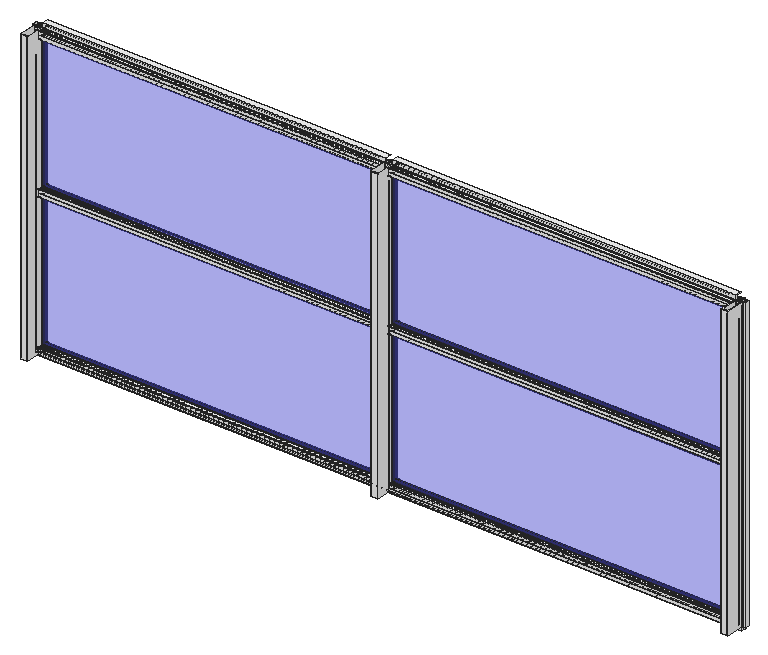
Revit family "Facade_60_Curtain_Wall_E22_Standard", category Windows, host Wall, Revit 2014 (continued)
Definition of nested family "F60 Vertical Profile Middle_E22_Std"
  Parameters (values of type "F60 Vertical Profile Middle")
    Half SG Expansion Break [instance] = if(and(Half Expansion Break, Single Glazing), 1 = 1, 1 = 0)  # yes
    Half Length [instance] = Length / 2  # 125 mm
    Half Expansion Break [instance] = yes
    Half DG Expansion Break [instance] = if(and(Half Expansion Break, Double Glazing), 1 = 1, 1 = 0)  # yes
    Half 190mm Expansion Joint [instance] = if(and(Half Expansion Break, [190mm Mullion]), 1 = 1, 1 = 0)  # yes
    Half 160mm Expansion Break [instance] = if(and(Half Expansion Break, [160mm Mullion]), 1 = 1, 1 = 0)  # yes
    Half 100mm Expansion Break [instance] = if(and(Half Expansion Break, [100mm Mullion]), 1 = 1, 1 = 0)  # yes
    Double Glazing [instance] = yes
    190mm Mullion [instance] = yes
    160mm Mullion [instance] = yes
    100mm Mullion [instance] = yes
  Reference planes
    plane 1 "Center (Front/Back)": y = 0
    plane 2: z = 0
    plane 3 "Center (Left/Right)": x = 0
  Forms (mm)
    Extrusion 1, solid, material <- "Profile Material"
      sketch origin (0, 0, 0) x (1, 0, 0) y (0, 1, 0)
        loop
          arc (25.249, -8.7) -> (25.484, -9.266) -> (26.049, -9.5) r 0.8
          line (26.049, -9.5) -> (27.1, -9.5) -> (27.1, 7) -> (32.902, 7) -> (32.902, -9.5) -> (33.951, -9.5)
          arc (33.951, -9.5) -> (34.516, -9.266) -> (34.751, -8.7) r 0.8
          line (34.751, -8.7) -> (34.751, 6.2)
          arc (34.751, 6.2) -> (34.985, 6.766) -> (35.551, 7) r 0.8
          line (35.551, 7) -> (52.1, 7) -> (52.1, 5.4) -> (50.55, 5.4) -> (50.55, 4.55)
          arc (50.55, 4.55) -> (50.726, 4.126) -> (51.15, 3.95) r 0.6
          line (51.15, 3.95) -> (52.1, 3.95) -> (52.1, 1)
          arc (52.1, 1) -> (51.6, 0.5) -> (52.1, 0) r 0.5
          line (52.1, 0) -> (54.45, 0) -> (54.45, 1.15) -> (53.3, 1.15) -> (53.3, 2.45) -> (58.8, 2.45) -> (58.8, 1.15) -> (57.65, 1.15) -> (57.65, 0) -> (59.5, 0)
          arc (59.5, 0) -> (59.854, 0.146) -> (60, 0.5) r 0.5
          line (60, 0.5) -> (60, 3.9) -> (53.55, 3.9) -> (53.55, 7.6)
          arc (53.55, 7.6) -> (53.316, 8.166) -> (52.75, 8.4) r 0.8
          line (52.75, 8.4) -> (30, 8.4) -> (7.25, 8.4)
          arc (7.25, 8.4) -> (6.684, 8.166) -> (6.45, 7.6) r 0.8
          line (6.45, 7.6) -> (6.45, 3.9) -> (0, 3.9) -> (0, 0.5)
          arc (0, 0.5) -> (0.146, 0.146) -> (0.5, 0) r 0.5
          line (0.5, 0) -> (2.35, 0) -> (2.35, 1.15) -> (1.2, 1.15) -> (1.2, 2.45) -> (6.7, 2.45) -> (6.7, 1.15) -> (5.55, 1.15) -> (5.55, 0) -> (7.9, 0)
          arc (7.9, 0) -> (8.4, 0.5) -> (7.9, 1) r 0.5
          line (7.9, 1) -> (7.9, 3.95) -> (8.85, 3.95)
          arc (8.85, 3.95) -> (9.274, 4.126) -> (9.45, 4.55) r 0.6
          line (9.45, 4.55) -> (9.45, 5.4) -> (7.9, 5.4) -> (7.9, 7) -> (24.449, 7)
          arc (24.449, 7) -> (25.015, 6.766) -> (25.249, 6.2) r 0.8
          line (25.249, 6.2) -> (25.249, -8.7)
      from 0 to 250 <- "Length"
    Extrusion 2, solid, material <- "Thermal Break Material"
      sketch origin (0, 0, 0) x (1, 0, 0) y (0, 1, 0)
        loop
          line (1.75, 9.8) -> (1.75, 5.2) -> (0, 5.2) -> (0, 3.9) -> (6.35, 3.9) -> (6.35, 7.856)
          arc (6.35, 7.856) -> (6.526, 8.281) -> (6.95, 8.456) r 0.6
          line (6.95, 8.456) -> (30, 8.456) -> (53.05, 8.456)
          arc (53.05, 8.456) -> (53.474, 8.281) -> (53.65, 7.856) r 0.6
          line (53.65, 7.856) -> (53.65, 3.9) -> (60, 3.9) -> (60, 5.2) -> (58.25, 5.2) -> (58.25, 9.8) -> (30, 9.8) -> (1.75, 9.8)
      from 0 to 250 <- "Length"
    Extrusion 3, solid, material <- "Thermal Break Material", visible <- "Single Glazing"
      sketch origin (0, 0, 0) x (1, 0, 0) y (0, 1, 0)
        loop
          line (25.749, -14.011) -> (27.672, -14.011) -> (28.481, -12.611) -> (31.518, -12.611) -> (32.327, -14.011) -> (34.249, -14.011)
          arc (34.249, -14.011) -> (34.603, -13.864) -> (34.749, -13.511) r 0.5
          line (34.749, -13.511) -> (34.749, -10.011)
          arc (34.749, -10.011) -> (34.603, -9.657) -> (34.249, -9.511) r 0.5
          line (34.249, -9.511) -> (32.352, -9.511) -> (32.352, 0.19) -> (31.349, 2.261)
          arc (31.349, 2.261) -> (29.999, 2.986) -> (28.649, 2.261) r 1.62
          line (28.649, 2.261) -> (27.647, 0.19) -> (27.647, -9.511) -> (25.749, -9.511)
          arc (25.749, -9.511) -> (25.396, -9.657) -> (25.249, -10.011) r 0.5
          line (25.249, -10.011) -> (25.249, -13.511)
          arc (25.249, -13.511) -> (25.396, -13.864) -> (25.749, -14.011) r 0.5
        loop
          line (28.504, -10.005) -> (28.504, -10.861)
          arc (28.504, -10.861) -> (28.651, -11.214) -> (29.004, -11.361) r 0.5
          line (29.004, -11.361) -> (30.994, -11.361)
          arc (30.994, -11.361) -> (31.348, -11.214) -> (31.494, -10.861) r 0.5
          line (31.494, -10.861) -> (31.494, -10.005) -> (30.708, -9.219)
          arc (30.708, -9.219) -> (30.383, -9.001) -> (29.999, -8.924) r 1.007
          arc (29.999, -8.924) -> (29.616, -8.999) -> (29.292, -9.217) r 0.986
          line (29.292, -9.217) -> (28.504, -10.005)
        loop
          arc (30.896, 1.935) -> (29.887, 2.44) -> (29.005, 1.735) r 1.047
          line (29.005, 1.735) -> (28.347, 0.374) -> (28.347, -6.993)
          arc (28.347, -6.993) -> (28.583, -7.417) -> (29.068, -7.441) r 0.5
          arc (29.068, -7.441) -> (29.999, -7.223) -> (30.93, -7.441) r 2.099
          arc (30.93, -7.441) -> (31.416, -7.417) -> (31.652, -6.993) r 0.5
          line (31.652, -6.993) -> (31.652, 0.374) -> (30.896, 1.935)
      from 0 to 250 <- "Length"
    Extrusion 4, solid, material <- "Profile Material", visible <- "Single Glazing"
      sketch origin (0, 0, 0) x (1, 0, 0) y (0, 1, 0)
        loop
          line (52.693, -14.011) -> (32.327, -14.011) -> (31.519, -12.611) -> (28.481, -12.611) -> (27.673, -14.011) -> (7.307, -14.011) -> (7.307, -15.011) -> (8.457, -15.011) -> (8.457, -16.261) -> (2.957, -16.261) -> (2.957, -15.011) -> (4.107, -15.011) -> (4.107, -14.011) -> (1.707, -14.011)
          arc (1.707, -14.011) -> (1.199, -14.293) -> (1.168, -14.873) r 0.6
          line (1.168, -14.873) -> (2.093, -16.772) -> (1.015, -17.298) -> (1.484, -18.261) -> (11.488, -18.261)
          arc (11.488, -18.261) -> (11.913, -18.085) -> (12.088, -17.661) r 0.6
          line (12.088, -17.661) -> (12.088, -16.811) -> (47.912, -16.811) -> (47.912, -17.661)
          arc (47.912, -17.661) -> (48.088, -18.085) -> (48.512, -18.261) r 0.6
          line (48.512, -18.261) -> (58.518, -18.261) -> (58.987, -17.298) -> (57.908, -16.772) -> (58.834, -14.874)
          arc (58.834, -14.874) -> (58.802, -14.293) -> (58.293, -14.011) r 0.6
          line (58.293, -14.011) -> (55.893, -14.011) -> (55.893, -15.011) -> (57.043, -15.011) -> (57.043, -16.261) -> (51.543, -16.261) -> (51.543, -15.011) -> (52.693, -15.011) -> (52.693, -14.011)
      from 0 to 250 <- "Length"
    Extrusion 5, solid, material <- "Profile Material", visible <- "Single Glazing"
      sketch origin (0, 0, 0) x (1, 0, 0) y (0, 1, 0)
        loop
          line (2.801, -18.261) -> (1.484, -18.261) -> (1.015, -17.298) -> (2.093, -16.772) -> (0.779, -14.076)
          arc (0.779, -14.076) -> (0.239, -14.21) -> (0.001, -14.713) r 0.65
          line (0.001, -14.713) -> (0.001, -28.068)
          arc (0.001, -28.068) -> (1.172, -30.897) -> (4.001, -32.068) r 4
          line (4.001, -32.068) -> (30.001, -32.068) -> (56.001, -32.068)
          arc (56.001, -32.068) -> (58.829, -30.897) -> (60.001, -28.068) r 4
          line (60.001, -28.068) -> (60.001, -14.713)
          arc (60.001, -14.713) -> (59.763, -14.21) -> (59.223, -14.076) r 0.65
          line (59.223, -14.076) -> (57.908, -16.772) -> (58.987, -17.298) -> (58.518, -18.261) -> (57.201, -18.261)
          arc (57.201, -18.261) -> (56.83, -18.425) -> (56.703, -18.811) r 0.5
          arc (56.703, -18.811) -> (56.83, -19.196) -> (57.201, -19.361) r 0.5
          line (57.201, -19.361) -> (58.951, -19.361) -> (58.951, -27.968)
          arc (58.951, -27.968) -> (58.131, -29.948) -> (56.151, -30.768) r 2.8
          line (56.151, -30.768) -> (30.001, -30.768) -> (3.851, -30.768)
          arc (3.851, -30.768) -> (1.871, -29.948) -> (1.051, -27.968) r 2.8
          line (1.051, -27.968) -> (1.051, -19.361) -> (2.801, -19.361)
          arc (2.801, -19.361) -> (3.172, -19.196) -> (3.298, -18.811) r 0.5
          arc (3.298, -18.811) -> (3.172, -18.425) -> (2.801, -18.261) r 0.5
      from 0 to 250 <- "Length"
    Extrusion 6, solid, material <- "Profile Material", visible <- "100mm Mullion"
      sketch origin (0, 0, 0) x (1, 0, 0) y (0, 1, 0)
        loop
          line (14.02, 13) -> (45.98, 13)
          arc (45.98, 13) -> (46.539, 12.842) -> (46.917, 12.4) r 1
          arc (46.917, 12.4) -> (47.285, 11.963) -> (47.833, 11.8) r 1
          line (47.833, 11.8) -> (58.15, 11.8) -> (58.15, 96.3) -> (47.833, 96.3)
          arc (47.833, 96.3) -> (47.285, 96.137) -> (46.917, 95.7) r 1
          arc (46.917, 95.7) -> (46.548, 95.263) -> (46, 95.1) r 1
          line (46, 95.1) -> (14, 95.1)
          arc (14, 95.1) -> (13.452, 95.263) -> (13.083, 95.7) r 1
          arc (13.083, 95.7) -> (12.715, 96.137) -> (12.167, 96.3) r 1
          line (12.167, 96.3) -> (1.85, 96.3) -> (1.85, 11.8) -> (12.167, 11.8)
          arc (12.167, 11.8) -> (12.715, 11.963) -> (13.083, 12.4) r 1
          arc (13.083, 12.4) -> (13.461, 12.842) -> (14.02, 13) r 1
        loop
          line (1.65, 9.856) -> (58.35, 9.856) -> (58.35, 5.2) -> (60, 5.2) -> (60, 98.8)
          arc (60, 98.8) -> (59.707, 99.507) -> (59, 99.8) r 1
          line (59, 99.8) -> (1, 99.8)
          arc (1, 99.8) -> (0.293, 99.507) -> (0, 98.8) r 1
          line (0, 98.8) -> (0, 5.2) -> (1.65, 5.2) -> (1.65, 9.856)
      from 0 to 250 <- "Length"
    Extrusion 7, solid, material <- "Profile Material", visible <- "160mm Mullion"
      sketch origin (0, 0, 0) x (1, 0, 0) y (0, 1, 0)
        loop
          arc (2.35, 15.6) -> (2.526, 15.176) -> (2.95, 15) r 0.6
          line (2.95, 15) -> (57.05, 15)
          arc (57.05, 15) -> (57.474, 15.176) -> (57.65, 15.6) r 0.6
          line (57.65, 15.6) -> (57.65, 153.7)
          arc (57.65, 153.7) -> (57.474, 154.124) -> (57.05, 154.3) r 0.6
          line (57.05, 154.3) -> (47.833, 154.3)
          arc (47.833, 154.3) -> (47.285, 154.137) -> (46.917, 153.7) r 1
          arc (46.917, 153.7) -> (46.548, 153.263) -> (46, 153.1) r 1
          line (46, 153.1) -> (14, 153.1)
          arc (14, 153.1) -> (13.452, 153.263) -> (13.083, 153.7) r 1
          arc (13.083, 153.7) -> (12.715, 154.137) -> (12.167, 154.3) r 1
          line (12.167, 154.3) -> (2.95, 154.3)
          arc (2.95, 154.3) -> (2.526, 154.124) -> (2.35, 153.7) r 0.6
          line (2.35, 153.7) -> (2.35, 15.6)
        loop
          arc (1, 159.8) -> (0.293, 159.507) -> (0, 158.8) r 1
          line (0, 158.8) -> (0, 5.2) -> (1.65, 5.2) -> (1.65, 10.013) -> (58.35, 10.013) -> (58.35, 5.2) -> (60, 5.2) -> (60, 158.8)
          arc (60, 158.8) -> (59.707, 159.507) -> (59, 159.8) r 1
          line (59, 159.8) -> (1, 159.8)
      from 0 to 250 <- "Length"
    Extrusion 8, solid, material <- "Profile Material", visible <- "190mm Mullion"
      sketch origin (0, 0, 0) x (1, 0, 0) y (0, 1, 0)
        loop
          line (57.25, 15.1) -> (57.25, 178.3)
          arc (57.25, 178.3) -> (56.957, 179.007) -> (56.25, 179.3) r 1
          line (56.25, 179.3) -> (3.75, 179.3)
          arc (3.75, 179.3) -> (3.043, 179.007) -> (2.75, 178.3) r 1
          line (2.75, 178.3) -> (2.75, 15.1)
          arc (2.75, 15.1) -> (2.984, 14.534) -> (3.55, 14.3) r 0.8
          line (3.55, 14.3) -> (56.45, 14.3)
          arc (56.45, 14.3) -> (57.016, 14.534) -> (57.25, 15.1) r 0.8
        loop
          line (60, 5.2) -> (60, 188.8)
          arc (60, 188.8) -> (59.707, 189.507) -> (59, 189.8) r 1
          line (59, 189.8) -> (1, 189.8)
          arc (1, 189.8) -> (0.293, 189.507) -> (0, 188.8) r 1
          line (0, 188.8) -> (0, 5.2) -> (1.65, 5.2) -> (1.65, 9.856) -> (58.35, 9.856) -> (58.35, 5.2) -> (60, 5.2)
      from 0 to 250 <- "Length"
    Extrusion 9, solid, material <- "Thermal Break Material", visible <- "Double Glazing"
      sketch origin (0, 0, 0) x (1, 0, 0) y (0, 1, 0)
        loop
          line (27.672, -28) -> (28.48, -26.6) -> (31.518, -26.6) -> (32.326, -28) -> (34.249, -28)
          arc (34.249, -28) -> (34.603, -27.854) -> (34.749, -27.5) r 0.5
          line (34.749, -27.5) -> (34.749, -10)
          arc (34.749, -10) -> (34.603, -9.646) -> (34.249, -9.5) r 0.5
          line (34.249, -9.5) -> (32.352, -9.5) -> (32.352, 0.198) -> (31.348, 2.272)
          arc (31.348, 2.272) -> (29.998, 2.997) -> (28.648, 2.272) r 1.62
          line (28.648, 2.272) -> (27.645, 0.201) -> (27.645, -9.5) -> (25.749, -9.5)
          arc (25.749, -9.5) -> (25.396, -9.646) -> (25.249, -10) r 0.5
          line (25.249, -10) -> (25.249, -27.5)
          arc (25.249, -27.5) -> (25.396, -27.854) -> (25.749, -28) r 0.5
          line (25.749, -28) -> (27.672, -28)
        loop
          arc (30.706, -9.206) -> (30.382, -8.99) -> (29.999, -8.913) r 1.007
          arc (29.999, -8.913) -> (29.616, -8.988) -> (29.292, -9.206) r 0.986
          line (29.292, -9.206) -> (27.142, -11.356)
          arc (27.142, -11.356) -> (26.926, -11.68) -> (26.849, -12.063) r 1
          line (26.849, -12.063) -> (26.849, -24)
          arc (26.849, -24) -> (27.142, -24.707) -> (27.849, -25) r 1
          line (27.849, -25) -> (32.149, -25)
          arc (32.149, -25) -> (32.856, -24.707) -> (33.149, -24) r 1
          line (33.149, -24) -> (33.149, -12.063)
          arc (33.149, -12.063) -> (33.073, -11.68) -> (32.856, -11.356) r 1
          line (32.856, -11.356) -> (30.706, -9.206)
        loop
          arc (28.345, -6.982) -> (28.581, -7.407) -> (29.067, -7.43) r 0.5
          arc (29.067, -7.43) -> (29.998, -7.213) -> (30.929, -7.43) r 2.099
          arc (30.929, -7.43) -> (31.414, -7.407) -> (31.651, -6.982) r 0.5
          line (31.651, -6.982) -> (31.651, 0.385) -> (30.895, 1.946)
          arc (30.895, 1.946) -> (29.885, 2.45) -> (29.004, 1.745) r 1.047
          line (29.004, 1.745) -> (28.345, 0.385) -> (28.345, -6.982)
      from 0 to 250 <- "Length"
    Extrusion 10, solid, material <- "Profile Material", visible <- "Double Glazing"
      sketch origin (0, 0, 0) x (1, 0, 0) y (0, 1, 0)
        loop
          line (52.692, -28) -> (32.327, -28) -> (31.518, -26.6) -> (28.48, -26.6) -> (27.672, -28) -> (7.306, -28) -> (7.306, -29) -> (8.456, -29) -> (8.456, -30.25) -> (2.956, -30.25) -> (2.956, -29) -> (4.106, -29) -> (4.106, -28) -> (1.706, -28)
          arc (1.706, -28) -> (1.198, -28.282) -> (1.167, -28.863) r 0.6
          line (1.167, -28.863) -> (2.093, -30.762) -> (1.014, -31.288) -> (1.483, -32.25) -> (11.488, -32.25)
          arc (11.488, -32.25) -> (11.912, -32.074) -> (12.088, -31.65) r 0.6
          line (12.088, -31.65) -> (12.088, -30.8) -> (47.911, -30.8) -> (47.911, -31.65)
          arc (47.911, -31.65) -> (48.087, -32.074) -> (48.511, -32.25) r 0.6
          line (48.511, -32.25) -> (58.517, -32.25) -> (58.986, -31.288) -> (57.907, -30.762) -> (58.833, -28.864)
          arc (58.833, -28.864) -> (58.801, -28.282) -> (58.292, -28) r 0.6
          line (58.292, -28) -> (55.892, -28) -> (55.892, -29) -> (57.042, -29) -> (57.042, -30.25) -> (51.542, -30.25) -> (51.542, -29) -> (52.692, -29) -> (52.692, -28)
      from 0 to 250 <- "Length"
    Extrusion 11, solid, material <- "Profile Material", visible <- "Double Glazing"
      sketch origin (0, 0, 0) x (1, 0, 0) y (0, 1, 0)
        loop
          line (2.8, -32.25) -> (1.483, -32.25) -> (1.014, -31.288) -> (2.093, -30.762) -> (0.778, -28.065)
          arc (0.778, -28.065) -> (0.238, -28.2) -> (0, -28.702) r 0.65
          line (0, -28.702) -> (0, -42.058)
          arc (0, -42.058) -> (1.172, -44.886) -> (4, -46.058) r 4
          line (4, -46.058) -> (30, -46.058) -> (56, -46.058)
          arc (56, -46.058) -> (58.828, -44.886) -> (60, -42.058) r 4
          line (60, -42.058) -> (60, -28.702)
          arc (60, -28.702) -> (59.762, -28.2) -> (59.222, -28.065) r 0.65
          line (59.222, -28.065) -> (57.907, -30.762) -> (58.986, -31.288) -> (58.517, -32.25) -> (57.2, -32.25)
          arc (57.2, -32.25) -> (56.829, -32.415) -> (56.703, -32.8) r 0.5
          arc (56.703, -32.8) -> (56.829, -33.185) -> (57.2, -33.35) r 0.5
          line (57.2, -33.35) -> (58.95, -33.35) -> (58.95, -41.958)
          arc (58.95, -41.958) -> (58.13, -43.938) -> (56.15, -44.758) r 2.8
          line (56.15, -44.758) -> (30, -44.758) -> (3.85, -44.758)
          arc (3.85, -44.758) -> (1.87, -43.938) -> (1.05, -41.958) r 2.8
          line (1.05, -41.958) -> (1.05, -33.35) -> (2.8, -33.35)
          arc (2.8, -33.35) -> (3.171, -33.185) -> (3.297, -32.8) r 0.5
          arc (3.297, -32.8) -> (3.171, -32.415) -> (2.8, -32.25) r 0.5
      from 0 to 250 <- "Length"
    Extrusion 12, solid, material <- "Profile Material", visible <- "Double Glazing"
      sketch origin (0, 0, 0) x (1, 0, 0) y (0, 1, 0)
        loop
          line (12, -7.775) -> (0, -7.775) -> (0, -25.775) -> (12, -25.775) -> (12, -7.775)
        loop
          line (10.8, -8.975) -> (1.2, -8.975) -> (1.2, -24.575) -> (10.8, -24.575) -> (10.8, -8.975)
      from 0 to 250 <- "Length"
  Lines and regions (mm)
    model lines, style "GenericModelHiddenLines", visible <- "Half 100mm Expansion Break"
      curve 1: line (60, 5.2, 125) -> (60, 95.2, 125)
      curve 2: line (60, 99.8, 125) -> (0, 99.8, 125)
      curve 8: line (0, 5.2, 125) -> (0, 95.2, 125)
    model lines, style "GenericModelHiddenLines", visible <- "Quarter 100mm Expansion Break"
      curve 3: line (60, 5.2, 187.5) -> (60, 95.2, 187.5)
      curve 4: line (60, 5.2, 62.5) -> (60, 95.2, 62.5)
      curve 5: line (60, 99.8, 62.5) -> (0, 99.8, 62.5)
      curve 6: line (60, 99.8, 187.5) -> (0, 99.8, 187.5)
      curve 7: line (0, 5.2, 187.5) -> (0, 95.2, 187.5)
      curve 9: line (0, 5.2, 62.5) -> (0, 95.2, 62.5)
    model lines, style "GenericModelHiddenLines", visible <- "Half SG Expansion Break"
      curve 10: line (4.107, -32.068, 125) -> (55.893, -32.068, 125)
      curve 14: line (60.001, -14.011, 125) -> (60.001, -32.068, 125)
    model lines, style "GenericModelHiddenLines", visible <- "Quarter SG Expansion Break"
      curve 11: line (4.107, -32.068, 187.5) -> (56.703, -32.068, 187.5)
      curve 12: line (4.107, -32.068, 62.5) -> (56.703, -32.068, 62.5)
      curve 13: line (60.001, -14.011, 187.5) -> (60.001, -32.068, 187.5)
      curve 15: line (60.001, -14.011, 62.5) -> (60.001, -32.068, 62.5)
    model lines, style "GenericModelHiddenLines", visible <- "Quarter 160mm Expansion Break"
      curve 16: line (0, 5.2, 187.5) -> (0, 155.2, 187.5)
      curve 18: line (0, 5.2, 62.5) -> (0, 155.2, 62.5)
      curve 19: line (0, 159.8, 187.5) -> (60, 159.8, 187.5)
      curve 21: line (0, 159.8, 62.5) -> (60, 159.8, 62.5)
      curve 22: line (60, 5.2, 187.5) -> (60, 155.2, 187.5)
      curve 24: line (60, 5.2, 62.5) -> (60, 155.2, 62.5)
    model lines, style "GenericModelHiddenLines", visible <- "Half 160mm Expansion Break"
      curve 17: line (0, 5.2, 125) -> (0, 155.2, 125)
      curve 20: line (0, 159.8, 125) -> (60, 159.8, 125)
      curve 23: line (60, 5.2, 125) -> (60, 155.2, 125)
    model lines, style "GenericModelHiddenLines", visible <- "Quarter 190mm Expansion Break"
      curve 25: line (0, 5.2, 187.5) -> (0, 185.2, 187.5)
      curve 27: line (0, 5.2, 62.5) -> (0, 185.2, 62.5)
      curve 28: line (0.779, 189.8, 187.5) -> (59.222, 189.8, 187.5)
      curve 30: line (0.779, 189.8, 62.5) -> (59.222, 189.8, 62.5)
      curve 31: line (60, 5.2, 187.5) -> (60, 185.2, 187.5)
      curve 33: line (60, 5.2, 62.5) -> (60, 185.2, 62.5)
    model lines, style "GenericModelHiddenLines", visible <- "Half 190mm Expansion Joint"
      curve 26: line (0, 5.2, 125) -> (0, 185.2, 125)
      curve 29: line (0.779, 189.8, 125) -> (59.222, 189.8, 125)
      curve 32: line (60, 5.2, 125) -> (60, 185.2, 125)
    model lines, style "GenericModelHiddenLines", visible <- "Quarter DG Expansion Break"
      curve 34: line (60, -28.065, 187.5) -> (60, -46.074, 187.5)
      curve 36: line (60, -28.065, 62.5) -> (60, -46.027, 62.5)
      curve 37: line (59.222, -46.058, 187.5) -> (0.779, -46.058, 187.5)
      curve 39: line (59.222, -46.058, 62.5) -> (0.779, -46.058, 62.5)
    model lines, style "GenericModelHiddenLines", visible <- "Half DG Expansion Break"
      curve 35: line (60, -28.065, 125) -> (60, -46.074, 125)
      curve 38: line (59.222, -46.058, 125) -> (0.779, -46.058, 125)
  Dimensions and locks
    "Half Length": curve 1 to level
    "Half Length": level to curve 2
    "Quarter Length": curve 4 to level
    "Quarter Length": Extrusion 8 to curve 3
    "Quarter Length": level to curve 5
    "Quarter Length": curve 6 to Extrusion 6
    "Quarter Length": curve 9 to level
    "Half Length": curve 8 to level
    "Quarter Length": Extrusion 8 to curve 7
    "Quarter Length": curve 12 to level
    "Half Length": curve 10 to level
    "Quarter Length": Extrusion 5 to curve 11
    "Quarter Length": curve 15 to level
    "Half Length": curve 14 to level
    "Quarter Length": Extrusion 5 to curve 13
    "Quarter Length": Extrusion 7 to curve 18
    "Half Length": Extrusion 7 to curve 17
    "Quarter Length": Extrusion 7 to curve 16
    "Quarter Length": Extrusion 7 to curve 21
    "Quarter Length": curve 19 to Extrusion 7
    "Half Length": Extrusion 7 to curve 20
    "Quarter Length": Extrusion 7 to curve 24
    "Quarter Length": Extrusion 7 to curve 22
    "Half Length": Extrusion 7 to curve 23
    "Quarter Length": Extrusion 8 to curve 27
    "Quarter Length": Extrusion 8 to curve 25
    "Half Length": Extrusion 8 to curve 26
    "Quarter Length": Extrusion 8 to curve 30
    "Quarter Length": curve 28 to Extrusion 8
    "Half Length": Extrusion 8 to curve 29
    "Quarter Length": Extrusion 8 to curve 33
    "Quarter Length": Extrusion 8 to curve 31
    "Half Length": Extrusion 8 to curve 32
    "Quarter Length": Extrusion 11 to curve 36
    "Quarter Length": Extrusion 11 to curve 34
    "Half Length": Extrusion 11 to curve 35
    "Quarter Length": Extrusion 11 to curve 37
    "Quarter Length": curve 39 to Extrusion 11
    "Half Length": curve 38 to Extrusion 11
    aligned and locked: level to plane 2
  Automatic sketch dimensions
    Extrusion 1 sketch curve to plane 3 "Center (Left/Right)" = 0 mm
    plane 1 "Center (Front/Back)" to Extrusion 1 sketch curve = 0 mm  (x4)
    plane 3 "Center (Left/Right)" to Extrusion 1 sketch curve = 0.5 mm
    Extrusion 1 sketch curve to Extrusion 1 sketch curve = 0.7 mm  (x2)
    Extrusion 1 sketch curve to Extrusion 1 sketch curve = 1.15 mm  (x4)
    Extrusion 1 sketch curve to Extrusion 1 sketch curve = 3.2 mm  (x2)
    Extrusion 1 sketch curve to Extrusion 1 sketch curve = 0.9 mm
    Extrusion 1 sketch curve to Extrusion 1 sketch curve = 0.25 mm
    Extrusion 1 sketch curve to Extrusion 1 sketch curve = 0.8 mm  (x7)
    Extrusion 1 sketch curve to Extrusion 1 sketch curve = 1.45 mm  (x2)
    Extrusion 1 sketch curve to Extrusion 1 sketch curve = 0.65 mm  (x3)
    Extrusion 1 sketch curve to Extrusion 1 sketch curve = 0.95 mm  (x3)
    Extrusion 1 sketch curve to Extrusion 1 sketch curve = 0.6 mm  (x3)
    Extrusion 1 sketch curve to plane 1 "Center (Front/Back)" = 7 mm
    Extrusion 1 sketch curve to Extrusion 1 sketch curve = 14.999 mm  (x2)
    plane 1 "Center (Front/Back)" to Extrusion 1 sketch curve = 8.7 mm
    Extrusion 1 sketch curve to Extrusion 1 sketch curve = 1.85 mm
    Extrusion 1 sketch curve to Extrusion 1 sketch curve = 2.9 mm
    Extrusion 1 sketch curve to Extrusion 1 sketch curve = 5.802 mm
    Extrusion 1 sketch curve to Extrusion 1 sketch curve = 1.049 mm
    Extrusion 1 sketch curve to plane 1 "Center (Front/Back)" = 4.55 mm
    Extrusion 1 sketch curve to plane 1 "Center (Front/Back)" = 0.5 mm  (x3)
    Extrusion 1 sketch curve to Extrusion 1 sketch curve = 1.2 mm
    Extrusion 1 sketch curve to plane 1 "Center (Front/Back)" = 1.15 mm  (x2)
    Extrusion 1 sketch curve to Extrusion 1 sketch curve = 0 mm
    Extrusion 1 sketch curve to Extrusion 1 sketch curve = 1.3 mm  (x2)
    Extrusion 1 sketch curve to Extrusion 1 sketch curve = 0.05 mm  (x2)
    Extrusion 1 sketch curve to Extrusion 1 sketch curve = 0.85 mm  (x2)
    Extrusion 1 sketch curve to plane 1 "Center (Front/Back)" = 6.2 mm
    Extrusion 2 sketch curve to plane 3 "Center (Left/Right)" = 0 mm
    plane 3 "Center (Left/Right)" to Extrusion 2 sketch curve = 1.75 mm
    Extrusion 2 sketch curve to Extrusion 2 sketch curve = 4.6 mm  (x4)
    Extrusion 2 sketch curve to Extrusion 2 sketch curve = 0.6 mm  (x2)
    Extrusion 2 sketch curve to plane 1 "Center (Front/Back)" = 9.8 mm
    Extrusion 2 sketch curve to Extrusion 2 sketch curve = 23.05 mm  (x2)
    Extrusion 2 sketch curve to Extrusion 2 sketch curve = 0 mm
    Extrusion 2 sketch curve to plane 1 "Center (Front/Back)" = 8.456 mm
    Extrusion 2 sketch curve to Extrusion 2 sketch curve = 1.75 mm
    Extrusion 2 sketch curve to plane 1 "Center (Front/Back)" = 3.9 mm  (x2)
    plane 3 "Center (Left/Right)" to Extrusion 3 sketch curve = 25.249 mm
    Extrusion 3 sketch curve to Extrusion 3 sketch curve = 0.5 mm  (x6)
    Extrusion 3 sketch curve to plane 1 "Center (Front/Back)" = 0.19 mm  (x2)
    Extrusion 3 sketch curve to Extrusion 3 sketch curve = 1.897 mm  (x2)
    Extrusion 3 sketch curve to Extrusion 3 sketch curve = 1.922 mm  (x2)
    Extrusion 3 sketch curve to plane 1 "Center (Front/Back)" = 0.374 mm  (x2)
    Extrusion 3 sketch curve to Extrusion 3 sketch curve = 0.7 mm  (x2)
    plane 1 "Center (Front/Back)" to Extrusion 3 sketch curve = 12.611 mm
    Extrusion 3 sketch curve to Extrusion 3 sketch curve = 0.809 mm
    Extrusion 3 sketch curve to Extrusion 3 sketch curve = 0.858 mm
    Extrusion 3 sketch curve to plane 1 "Center (Front/Back)" = 2.261 mm  (x2)
    Extrusion 3 sketch curve to Extrusion 3 sketch curve = 0.303 mm
    Extrusion 3 sketch curve to plane 1 "Center (Front/Back)" = 1.735 mm
    Extrusion 3 sketch curve to Extrusion 3 sketch curve = 0.356 mm
    plane 1 "Center (Front/Back)" to Extrusion 3 sketch curve = 9.217 mm
    Extrusion 3 sketch curve to Extrusion 3 sketch curve = 0.788 mm
    Extrusion 3 sketch curve to Extrusion 3 sketch curve = 0.701 mm
    Extrusion 3 sketch curve to Extrusion 3 sketch curve = 0.003 mm
    Extrusion 3 sketch curve to Extrusion 3 sketch curve = 0.992 mm
    Extrusion 3 sketch curve to Extrusion 3 sketch curve = 0.006 mm
    Extrusion 3 sketch curve to Extrusion 3 sketch curve = 0.002 mm
    plane 1 "Center (Front/Back)" to Extrusion 3 sketch curve = 9.219 mm
    Extrusion 3 sketch curve to Extrusion 3 sketch curve = 0.709 mm
    Extrusion 3 sketch curve to plane 1 "Center (Front/Back)" = 1.935 mm
    Extrusion 3 sketch curve to Extrusion 3 sketch curve = 0.899 mm
    Extrusion 3 sketch curve to Extrusion 3 sketch curve = 0.998 mm
    Extrusion 3 sketch curve to Extrusion 3 sketch curve = 0.444 mm
    Extrusion 3 sketch curve to Extrusion 3 sketch curve = 0.524 mm
    Extrusion 3 sketch curve to Extrusion 3 sketch curve = 0.756 mm
    Extrusion 3 sketch curve to Extrusion 3 sketch curve = 0.808 mm
    Extrusion 3 sketch curve to Extrusion 3 sketch curve = 0.9 mm  (x2)
    Extrusion 3 sketch curve to Extrusion 3 sketch curve = 1.25 mm
    Extrusion 3 sketch curve to Extrusion 3 sketch curve = 0.85 mm  (x2)
    Extrusion 3 sketch curve to Extrusion 3 sketch curve = 0.856 mm  (x2)
    Extrusion 3 sketch curve to Extrusion 3 sketch curve = 0.714 mm
    Extrusion 3 sketch curve to Extrusion 3 sketch curve = 0.02 mm
    Extrusion 3 sketch curve to Extrusion 3 sketch curve = 0.399 mm
    Extrusion 3 sketch curve to Extrusion 3 sketch curve = 2.224 mm
    Extrusion 3 sketch curve to Extrusion 3 sketch curve = 0.448 mm
    Extrusion 3 sketch curve to Extrusion 3 sketch curve = 0.032 mm
    Extrusion 3 sketch curve to Extrusion 3 sketch curve = 0 mm
    plane 3 "Center (Left/Right)" to Extrusion 4 sketch curve = 1.015 mm
    Extrusion 4 sketch curve to Extrusion 4 sketch curve = 0.469 mm
    plane 3 "Center (Left/Right)" to Extrusion 4 sketch curve = 1.707 mm
    Extrusion 4 sketch curve to Extrusion 4 sketch curve = 1.079 mm
    Extrusion 4 sketch curve to Extrusion 4 sketch curve = 0.864 mm
    Extrusion 4 sketch curve to Extrusion 4 sketch curve = 1.15 mm  (x4)
    Extrusion 4 sketch curve to Extrusion 4 sketch curve = 3.2 mm  (x2)
    Extrusion 4 sketch curve to Extrusion 4 sketch curve = 3.031 mm  (x2)
    Extrusion 4 sketch curve to Extrusion 4 sketch curve = 0.6 mm  (x3)
    Extrusion 4 sketch curve to Extrusion 4 sketch curve = 15.584 mm  (x2)
    plane 1 "Center (Front/Back)" to Extrusion 4 sketch curve = 12.611 mm
    Extrusion 4 sketch curve to Extrusion 4 sketch curve = 0.808 mm  (x2)
    Extrusion 4 sketch curve to Extrusion 4 sketch curve = 3.038 mm
    plane 1 "Center (Front/Back)" to Extrusion 4 sketch curve = 14.011 mm
    plane 1 "Center (Front/Back)" to Extrusion 4 sketch curve = 16.772 mm
    Extrusion 4 sketch curve to Extrusion 4 sketch curve = 0.865 mm
    Extrusion 4 sketch curve to Extrusion 4 sketch curve = 1.25 mm  (x4)
    plane 1 "Center (Front/Back)" to Extrusion 4 sketch curve = 18.261 mm
    Extrusion 4 sketch curve to Extrusion 4 sketch curve = 0.61 mm
    plane 1 "Center (Front/Back)" to Extrusion 4 sketch curve = 17.298 mm
    Extrusion 4 sketch curve to Extrusion 4 sketch curve = 5.65 mm
    Extrusion 4 sketch curve to Extrusion 4 sketch curve = 0.962 mm
    Extrusion 4 sketch curve to Extrusion 4 sketch curve = 0.85 mm
    Extrusion 4 sketch curve to Extrusion 4 sketch curve = 0.512 mm  (x2)
    Extrusion 4 sketch curve to Extrusion 4 sketch curve = 1 mm  (x2)
    Extrusion 4 sketch curve to Extrusion 4 sketch curve = 0.4 mm  (x2)
    Extrusion 4 sketch curve to Extrusion 4 sketch curve = 1.4 mm
    Extrusion 4 sketch curve to Extrusion 4 sketch curve = 0.539 mm  (x2)
    Extrusion 4 sketch curve to Extrusion 4 sketch curve = 0 mm
    plane 1 "Center (Front/Back)" to Extrusion 4 sketch curve = 14.874 mm
    plane 3 "Center (Left/Right)" to Extrusion 5 sketch curve = 0.001 mm
    Extrusion 5 sketch curve to Extrusion 5 sketch curve = 0.65 mm  (x2)
    Extrusion 5 sketch curve to Extrusion 5 sketch curve = 0.128 mm  (x2)
    plane 3 "Center (Left/Right)" to Extrusion 5 sketch curve = 1.015 mm
    plane 3 "Center (Left/Right)" to Extrusion 5 sketch curve = 1.051 mm
    Extrusion 5 sketch curve to Extrusion 5 sketch curve = 0.469 mm  (x2)
    Extrusion 5 sketch curve to Extrusion 5 sketch curve = 1.079 mm
    Extrusion 5 sketch curve to Extrusion 5 sketch curve = 1.317 mm  (x2)
    Extrusion 5 sketch curve to Extrusion 5 sketch curve = 0 mm  (x3)
    plane 3 "Center (Left/Right)" to Extrusion 5 sketch curve = 3.851 mm
    Extrusion 5 sketch curve to Extrusion 5 sketch curve = 0.15 mm  (x2)
    Extrusion 5 sketch curve to Extrusion 5 sketch curve = 26 mm  (x2)
    Extrusion 5 sketch curve to Extrusion 5 sketch curve = 1.05 mm
    plane 1 "Center (Front/Back)" to Extrusion 5 sketch curve = 16.772 mm
    Extrusion 5 sketch curve to Extrusion 5 sketch curve = 0.707 mm
    Extrusion 5 sketch curve to Extrusion 5 sketch curve = 0.433 mm
    plane 1 "Center (Front/Back)" to Extrusion 5 sketch curve = 17.298 mm
    plane 1 "Center (Front/Back)" to Extrusion 5 sketch curve = 14.076 mm
    Extrusion 5 sketch curve to Extrusion 5 sketch curve = 0.5 mm  (x2)
    plane 1 "Center (Front/Back)" to Extrusion 5 sketch curve = 18.761 mm
    Extrusion 5 sketch curve to Extrusion 5 sketch curve = 0.1 mm  (x3)
    Extrusion 5 sketch curve to Extrusion 5 sketch curve = 1.1 mm  (x2)
    Extrusion 5 sketch curve to Extrusion 5 sketch curve = 8.608 mm
    Extrusion 5 sketch curve to Extrusion 5 sketch curve = 0.962 mm
    Extrusion 6 sketch curve to plane 3 "Center (Left/Right)" = 0 mm
    plane 3 "Center (Left/Right)" to Extrusion 6 sketch curve = 1 mm
    plane 3 "Center (Left/Right)" to Extrusion 6 sketch curve = 1.65 mm
    plane 3 "Center (Left/Right)" to Extrusion 6 sketch curve = 1.85 mm
    Extrusion 6 sketch curve to Extrusion 6 sketch curve = 10.317 mm  (x3)
    Extrusion 6 sketch curve to Extrusion 6 sketch curve = 1.833 mm  (x4)
    Extrusion 6 sketch curve to Extrusion 6 sketch curve = 0.02 mm  (x2)
    Extrusion 6 sketch curve to plane 1 "Center (Front/Back)" = 13 mm
    Extrusion 6 sketch curve to Extrusion 6 sketch curve = 31.961 mm
    Extrusion 6 sketch curve to Extrusion 6 sketch curve = 32 mm
    Extrusion 6 sketch curve to Extrusion 6 sketch curve = 0.2 mm  (x5)
    Extrusion 6 sketch curve to Extrusion 6 sketch curve = 0.85 mm
    Extrusion 6 sketch curve to Extrusion 6 sketch curve = 1.65 mm
    Extrusion 6 sketch curve to Extrusion 6 sketch curve = 1 mm  (x8)
    Extrusion 6 sketch curve to Extrusion 6 sketch curve = 1.944 mm
    Extrusion 6 sketch curve to Extrusion 6 sketch curve = 4.656 mm  (x2)
    Extrusion 6 sketch curve to Extrusion 6 sketch curve = 82.1 mm
    Extrusion 6 sketch curve to Extrusion 6 sketch curve = 2.5 mm
    Extrusion 7 sketch curve to plane 3 "Center (Left/Right)" = 0 mm
    Extrusion 7 sketch curve to Extrusion 7 sketch curve = 1 mm  (x3)
    plane 3 "Center (Left/Right)" to Extrusion 7 sketch curve = 1.65 mm
    plane 3 "Center (Left/Right)" to Extrusion 7 sketch curve = 2.35 mm
    Extrusion 7 sketch curve to Extrusion 7 sketch curve = 0.6 mm  (x3)
    Extrusion 7 sketch curve to Extrusion 7 sketch curve = 9.217 mm  (x2)
    Extrusion 7 sketch curve to Extrusion 7 sketch curve = 1.833 mm  (x2)
    Extrusion 7 sketch curve to Extrusion 7 sketch curve = 32 mm
    Extrusion 7 sketch curve to plane 1 "Center (Front/Back)" = 15 mm
    Extrusion 7 sketch curve to Extrusion 7 sketch curve = 54.1 mm
    Extrusion 7 sketch curve to Extrusion 7 sketch curve = 1.3 mm
    Extrusion 7 sketch curve to Extrusion 7 sketch curve = 1.95 mm
    Extrusion 7 sketch curve to Extrusion 7 sketch curve = 1.65 mm
    Extrusion 7 sketch curve to Extrusion 7 sketch curve = 4.987 mm
    Extrusion 7 sketch curve to Extrusion 7 sketch curve = 4.813 mm
    Extrusion 7 sketch curve to Extrusion 7 sketch curve = 4.812 mm
    Extrusion 7 sketch curve to Extrusion 7 sketch curve = 137.5 mm
    Extrusion 7 sketch curve to Extrusion 7 sketch curve = 0.2 mm  (x2)
    Extrusion 7 sketch curve to Extrusion 7 sketch curve = 0.4 mm  (x2)
    Extrusion 7 sketch curve to Extrusion 7 sketch curve = 4.5 mm
    Extrusion 8 sketch curve to plane 3 "Center (Left/Right)" = 0 mm
    Extrusion 8 sketch curve to Extrusion 8 sketch curve = 1 mm  (x3)
    plane 3 "Center (Left/Right)" to Extrusion 8 sketch curve = 1.65 mm
    plane 3 "Center (Left/Right)" to Extrusion 8 sketch curve = 2.75 mm
    Extrusion 8 sketch curve to Extrusion 8 sketch curve = 0.8 mm  (x2)
    Extrusion 8 sketch curve to Extrusion 8 sketch curve = 52.5 mm
    Extrusion 8 sketch curve to plane 1 "Center (Front/Back)" = 15.1 mm
    Extrusion 8 sketch curve to Extrusion 8 sketch curve = 52.9 mm
    Extrusion 8 sketch curve to Extrusion 8 sketch curve = 1.9 mm
    Extrusion 8 sketch curve to Extrusion 8 sketch curve = 2.75 mm
    Extrusion 8 sketch curve to Extrusion 8 sketch curve = 4.444 mm
    Extrusion 8 sketch curve to Extrusion 8 sketch curve = 4.656 mm  (x2)
    Extrusion 8 sketch curve to Extrusion 8 sketch curve = 163.2 mm
    Extrusion 8 sketch curve to Extrusion 8 sketch curve = 9.5 mm
    plane 3 "Center (Left/Right)" to Extrusion 9 sketch curve = 25.249 mm
    Extrusion 9 sketch curve to Extrusion 9 sketch curve = 0.5 mm  (x4)
    Extrusion 9 sketch curve to Extrusion 9 sketch curve = 1.1 mm
    plane 1 "Center (Front/Back)" to Extrusion 9 sketch curve = 11.356 mm  (x2)
    Extrusion 9 sketch curve to Extrusion 9 sketch curve = 0.293 mm  (x2)
    Extrusion 9 sketch curve to Extrusion 9 sketch curve = 1.896 mm
    Extrusion 9 sketch curve to Extrusion 9 sketch curve = 1.922 mm
    Extrusion 9 sketch curve to Extrusion 9 sketch curve = 1 mm  (x2)
    Extrusion 9 sketch curve to Extrusion 9 sketch curve = 0.7 mm
    Extrusion 9 sketch curve to Extrusion 9 sketch curve = 0.808 mm
    Extrusion 9 sketch curve to plane 1 "Center (Front/Back)" = 2.272 mm  (x2)
    Extrusion 9 sketch curve to Extrusion 9 sketch curve = 0.303 mm
    Extrusion 9 sketch curve to plane 1 "Center (Front/Back)" = 1.745 mm
    Extrusion 9 sketch curve to Extrusion 9 sketch curve = 0.356 mm
    plane 1 "Center (Front/Back)" to Extrusion 9 sketch curve = 9.206 mm  (x2)
    Extrusion 9 sketch curve to Extrusion 9 sketch curve = 1.647 mm
    Extrusion 9 sketch curve to Extrusion 9 sketch curve = 0.701 mm
    Extrusion 9 sketch curve to Extrusion 9 sketch curve = 0.992 mm
    Extrusion 9 sketch curve to Extrusion 9 sketch curve = 0.003 mm
    Extrusion 9 sketch curve to Extrusion 9 sketch curve = 0.002 mm
    Extrusion 9 sketch curve to Extrusion 9 sketch curve = 0.004 mm
    Extrusion 9 sketch curve to Extrusion 9 sketch curve = 0.708 mm
    Extrusion 9 sketch curve to plane 1 "Center (Front/Back)" = 1.946 mm
    Extrusion 9 sketch curve to Extrusion 9 sketch curve = 0.899 mm
    Extrusion 9 sketch curve to Extrusion 9 sketch curve = 0.444 mm
    Extrusion 9 sketch curve to Extrusion 9 sketch curve = 3.038 mm
    Extrusion 9 sketch curve to plane 1 "Center (Front/Back)" = 0.385 mm  (x2)
    Extrusion 9 sketch curve to Extrusion 9 sketch curve = 0.756 mm
    Extrusion 9 sketch curve to Extrusion 9 sketch curve = 2.153 mm
    Extrusion 9 sketch curve to Extrusion 9 sketch curve = 0.631 mm
    Extrusion 9 sketch curve to Extrusion 9 sketch curve = 0.807 mm
    Extrusion 9 sketch curve to Extrusion 9 sketch curve = 1.646 mm
    Extrusion 9 sketch curve to Extrusion 9 sketch curve = 0.707 mm
    Extrusion 9 sketch curve to Extrusion 9 sketch curve = 1.393 mm
    Extrusion 9 sketch curve to Extrusion 9 sketch curve = 1.923 mm
    Extrusion 9 sketch curve to Extrusion 9 sketch curve = 11.937 mm
    Extrusion 9 sketch curve to Extrusion 9 sketch curve = 1.6 mm
    Extrusion 9 sketch curve to Extrusion 9 sketch curve = 0.9 mm  (x2)
    Extrusion 9 sketch curve to Extrusion 9 sketch curve = 1.356 mm  (x2)
    Extrusion 9 sketch curve to Extrusion 9 sketch curve = 0.714 mm
    Extrusion 9 sketch curve to Extrusion 9 sketch curve = 0.02 mm
    Extrusion 9 sketch curve to Extrusion 9 sketch curve = 0.399 mm
    Extrusion 9 sketch curve to Extrusion 9 sketch curve = 2.224 mm
    Extrusion 9 sketch curve to Extrusion 9 sketch curve = 0.448 mm
    Extrusion 9 sketch curve to plane 1 "Center (Front/Back)" = 0.198 mm
    Extrusion 9 sketch curve to plane 1 "Center (Front/Back)" = 0.201 mm
    Extrusion 9 sketch curve to Extrusion 9 sketch curve = 0.032 mm
    Extrusion 9 sketch curve to Extrusion 9 sketch curve = 0 mm
    plane 3 "Center (Left/Right)" to Extrusion 10 sketch curve = 1.014 mm
    Extrusion 10 sketch curve to Extrusion 10 sketch curve = 0.469 mm  (x2)
    plane 3 "Center (Left/Right)" to Extrusion 10 sketch curve = 1.706 mm
    Extrusion 10 sketch curve to Extrusion 10 sketch curve = 1.079 mm
    Extrusion 10 sketch curve to Extrusion 10 sketch curve = 0.864 mm
    Extrusion 10 sketch curve to Extrusion 10 sketch curve = 1.15 mm  (x4)
    Extrusion 10 sketch curve to Extrusion 10 sketch curve = 3.2 mm  (x2)
    Extrusion 10 sketch curve to Extrusion 10 sketch curve = 3.031 mm  (x2)
    Extrusion 10 sketch curve to Extrusion 10 sketch curve = 0.6 mm  (x3)
    Extrusion 10 sketch curve to Extrusion 10 sketch curve = 15.584 mm  (x2)
    Extrusion 10 sketch curve to Extrusion 10 sketch curve = 0.808 mm  (x2)
    Extrusion 10 sketch curve to Extrusion 10 sketch curve = 3.038 mm
    Extrusion 10 sketch curve to Extrusion 10 sketch curve = 0.865 mm
    Extrusion 10 sketch curve to Extrusion 10 sketch curve = 1.25 mm  (x5)
    Extrusion 10 sketch curve to Extrusion 10 sketch curve = 0.61 mm
    plane 1 "Center (Front/Back)" to Extrusion 10 sketch curve = 31.288 mm
    Extrusion 10 sketch curve to Extrusion 10 sketch curve = 0.362 mm
    plane 1 "Center (Front/Back)" to Extrusion 10 sketch curve = 31.65 mm
    Extrusion 10 sketch curve to Extrusion 10 sketch curve = 0.962 mm
    Extrusion 10 sketch curve to Extrusion 10 sketch curve = 0.85 mm
    Extrusion 10 sketch curve to Extrusion 10 sketch curve = 0.512 mm  (x2)
    Extrusion 10 sketch curve to Extrusion 10 sketch curve = 0.4 mm  (x2)
    Extrusion 10 sketch curve to Extrusion 10 sketch curve = 1 mm
    Extrusion 10 sketch curve to Extrusion 10 sketch curve = 2.8 mm
    Extrusion 10 sketch curve to Extrusion 10 sketch curve = 0 mm  (x2)
    Extrusion 10 sketch curve to Extrusion 10 sketch curve = 1.4 mm
    Extrusion 10 sketch curve to Extrusion 10 sketch curve = 0.539 mm  (x2)
    plane 1 "Center (Front/Back)" to Extrusion 10 sketch curve = 28.864 mm
    Extrusion 11 sketch curve to plane 3 "Center (Left/Right)" = 0 mm
    plane 3 "Center (Left/Right)" to Extrusion 11 sketch curve = 0.65 mm
    Extrusion 11 sketch curve to Extrusion 11 sketch curve = 0.128 mm  (x2)
    plane 3 "Center (Left/Right)" to Extrusion 11 sketch curve = 1.014 mm
    plane 3 "Center (Left/Right)" to Extrusion 11 sketch curve = 1.05 mm
    Extrusion 11 sketch curve to Extrusion 11 sketch curve = 0.469 mm  (x2)
    Extrusion 11 sketch curve to Extrusion 11 sketch curve = 1.079 mm
    Extrusion 11 sketch curve to Extrusion 11 sketch curve = 1.317 mm  (x2)
    Extrusion 11 sketch curve to Extrusion 11 sketch curve = 0 mm  (x3)
    plane 3 "Center (Left/Right)" to Extrusion 11 sketch curve = 3.85 mm
    Extrusion 11 sketch curve to Extrusion 11 sketch curve = 0.15 mm  (x2)
    Extrusion 11 sketch curve to Extrusion 11 sketch curve = 26 mm  (x2)
    Extrusion 11 sketch curve to Extrusion 11 sketch curve = 1.05 mm
    Extrusion 11 sketch curve to Extrusion 11 sketch curve = 0.707 mm
    Extrusion 11 sketch curve to Extrusion 11 sketch curve = 0.433 mm
    plane 1 "Center (Front/Back)" to Extrusion 11 sketch curve = 31.288 mm
    plane 1 "Center (Front/Back)" to Extrusion 11 sketch curve = 28.065 mm
    Extrusion 11 sketch curve to Extrusion 11 sketch curve = 1.314 mm
    Extrusion 11 sketch curve to Extrusion 11 sketch curve = 0.65 mm
    Extrusion 11 sketch curve to Extrusion 11 sketch curve = 0.5 mm  (x2)
    plane 1 "Center (Front/Back)" to Extrusion 11 sketch curve = 32.75 mm
    Extrusion 11 sketch curve to Extrusion 11 sketch curve = 0.1 mm  (x3)
    Extrusion 11 sketch curve to Extrusion 11 sketch curve = 1.1 mm  (x2)
    Extrusion 11 sketch curve to Extrusion 11 sketch curve = 8.608 mm
    Extrusion 11 sketch curve to Extrusion 11 sketch curve = 0.962 mm
    Extrusion 12 sketch curve to plane 3 "Center (Left/Right)" = 0 mm
    plane 3 "Center (Left/Right)" to Extrusion 12 sketch curve = 1.2 mm
    Extrusion 12 sketch curve to Extrusion 12 sketch curve = 9.6 mm
    Extrusion 12 sketch curve to Extrusion 12 sketch curve = 1.2 mm  (x3)
    plane 1 "Center (Front/Back)" to Extrusion 12 sketch curve = 25.775 mm
    plane 1 "Center (Front/Back)" to Extrusion 12 sketch curve = 8.975 mm
    curve 4 to Extrusion 6 = 0 mm
    curve 3 to Extrusion 6 = 0 mm
    curve 1 to Extrusion 6 = 0 mm
    curve 4 to Extrusion 6 = 3.6 mm
    curve 3 to Extrusion 6 = 3.6 mm
    curve 1 to Extrusion 6 = 3.6 mm
    Extrusion 6 to curve 2 = 1 mm
    Extrusion 6 to curve 5 = 1 mm
    Extrusion 6 to curve 6 = 1 mm
    curve 6 to Extrusion 6 = 1 mm
    curve 5 to Extrusion 6 = 1 mm
    curve 2 to Extrusion 6 = 1 mm
    curve 9 to Extrusion 6 = 0 mm
    curve 8 to Extrusion 6 = 0 mm
    curve 7 to Extrusion 6 = 0 mm
    Extrusion 6 to curve 8 = 3.6 mm
    Extrusion 6 to curve 9 = 3.6 mm
    Extrusion 6 to curve 7 = 3.6 mm
    curve 12 to Extrusion 5 = 25.894 mm
    curve 11 to Extrusion 5 = 25.894 mm
    curve 10 to Extrusion 5 = 25.894 mm
    curve 10 to Extrusion 5 = 0.108 mm
    Extrusion 5 to curve 12 = 0.703 mm
    Extrusion 5 to curve 11 = 0.703 mm
    curve 13 to Extrusion 5 = 4 mm
    curve 14 to Extrusion 5 = 4 mm
    curve 15 to Extrusion 5 = 4 mm
    Extrusion 5 to curve 15 = 0.702 mm
    Extrusion 5 to curve 14 = 0.702 mm
    Extrusion 5 to curve 13 = 0.702 mm
    curve 18 to Extrusion 7 = 0 mm
    curve 17 to Extrusion 7 = 0 mm
    curve 16 to Extrusion 7 = 0 mm
    Extrusion 7 to curve 17 = 3.6 mm
    Extrusion 7 to curve 18 = 3.6 mm
    Extrusion 7 to curve 16 = 3.6 mm
    Extrusion 7 to curve 21 = 1 mm  (x2)
    Extrusion 7 to curve 20 = 1 mm  (x2)
    Extrusion 7 to curve 19 = 1 mm  (x2)
    curve 24 to Extrusion 7 = 0 mm
    curve 23 to Extrusion 7 = 0 mm
    curve 22 to Extrusion 7 = 0 mm
    curve 24 to Extrusion 7 = 3.6 mm
    curve 23 to Extrusion 7 = 3.6 mm
    curve 22 to Extrusion 7 = 3.6 mm
    curve 27 to Extrusion 8 = 0 mm
    curve 26 to Extrusion 8 = 0 mm
    curve 25 to Extrusion 8 = 0 mm
    Extrusion 8 to curve 26 = 3.6 mm
    Extrusion 8 to curve 27 = 3.6 mm
    Extrusion 8 to curve 25 = 3.6 mm
    Extrusion 8 to curve 30 = 0.221 mm
    Extrusion 8 to curve 29 = 0.221 mm
    Extrusion 8 to curve 28 = 0.221 mm
    curve 29 to Extrusion 8 = 0.222 mm
    curve 30 to Extrusion 8 = 0.222 mm
    curve 28 to Extrusion 8 = 0.222 mm
    curve 33 to Extrusion 8 = 0 mm
    curve 32 to Extrusion 8 = 0 mm
    curve 31 to Extrusion 8 = 0 mm
    curve 33 to Extrusion 8 = 3.6 mm
    curve 32 to Extrusion 8 = 3.6 mm
    curve 31 to Extrusion 8 = 3.6 mm
    curve 34 to Extrusion 11 = 4.016 mm
    curve 35 to Extrusion 11 = 4.016 mm
    curve 36 to Extrusion 11 = 3.97 mm
    Extrusion 11 to curve 36 = 0.637 mm
    Extrusion 11 to curve 35 = 0.637 mm
    Extrusion 11 to curve 34 = 0.637 mm
    curve 37 to Extrusion 11 = 29.221 mm
    curve 38 to Extrusion 11 = 29.221 mm
    curve 39 to Extrusion 11 = 29.221 mm
    Extrusion 11 to curve 39 = 3.222 mm
    Extrusion 11 to curve 38 = 3.222 mm
    Extrusion 11 to curve 37 = 3.222 mm
Definition of nested family "F60 Horizontal Profile Middle_E22_Std"
  Parameters (values of type "F60 Horizontal Profile Middle")
    Thermal Break Material [instance] = none
    Single Glazing [instance] = yes
    Profile Material [instance] = none
    Length [instance] = 250 mm
    Double Glazing [instance] = yes
  Reference planes
    plane 1 "Center (Front/Back)": y = 0
    plane 2: z = 0
    plane 3 "Center (Left/Right)": x = 0
  Forms (mm)
    Extrusion 1, solid, material <- "Profile Material"
      sketch origin (0, 0, 0) x (0, 1, 0) y (0, 0, 1)
        loop
          line (-9.94, 7.845) -> (-8.37, 6.275) -> (-1.2, 10.415) -> (-1.2, 1.2) -> (-5, 1.2) -> (-5, 0) -> (-1, 0)
          arc (-1, 0) -> (-0.293, 0.293) -> (0, 1) r 1
          line (0, 1) -> (0, 30) -> (0, 59)
          arc (0, 59) -> (-0.293, 59.707) -> (-1, 60) r 1
          line (-1, 60) -> (-5, 60) -> (-5, 58.8) -> (-1.2, 58.8) -> (-1.2, 49.585) -> (-8.37, 53.725) -> (-9.94, 52.155)
          arc (-9.94, 52.155) -> (-9.902, 51.269) -> (-9.016, 51.232) r 0.655
          line (-9.016, 51.232) -> (-8.077, 52.17) -> (-1.2, 48.2) -> (-1.2, 30) -> (-1.2, 11.8) -> (-8.077, 7.83) -> (-9.016, 8.768)
          arc (-9.016, 8.768) -> (-9.902, 8.731) -> (-9.94, 7.845) r 0.655
      from 0 to 250 <- "Length"
    Extrusion 2, solid, material <- "Profile Material"
      sketch origin (0, 0, 0) x (0, 1, 0) y (0, 0, 1)
        loop
          line (-5, 60) -> (-44.6, 60) -> (-44.6, 58.35) -> (-39.944, 58.35) -> (-39.944, 1.65) -> (-44.6, 1.65) -> (-44.6, 0) -> (-5, 0) -> (-5, 2.2) -> (-4.2, 2.2) -> (-4.2, 3.018)
          arc (-4.2, 3.018) -> (-4.352, 3.783) -> (-4.786, 4.432) r 2
          line (-4.786, 4.432) -> (-7.054, 6.7) -> (-8, 6.489) -> (-8, 5.7) -> (-7.205, 5.7) -> (-7.205, 2.95) -> (-8, 2.95) -> (-8, 1.95) -> (-12.752, 1.95) -> (-12.752, 6.7) -> (-14.152, 6.7) -> (-14.152, 1.65) -> (-38.65, 1.65) -> (-38.65, 8.33) -> (-37.097, 8.33) -> (-34.666, 6.973)
          arc (-34.666, 6.973) -> (-33.846, 7.192) -> (-34.066, 8.012) r 0.6
          line (-34.066, 8.012) -> (-37.128, 9.78) -> (-38.65, 9.78) -> (-38.65, 12.65) -> (-37.6, 13.7) -> (-37.6, 20.3) -> (-38.65, 21.35) -> (-38.65, 38.65) -> (-37.6, 39.7) -> (-37.6, 46.3) -> (-38.65, 47.35) -> (-38.65, 50.22) -> (-37.128, 50.22) -> (-34.066, 51.988)
          arc (-34.066, 51.988) -> (-33.846, 52.808) -> (-34.666, 53.027) r 0.6
          line (-34.666, 53.027) -> (-37.032, 51.661) -> (-38.65, 51.661) -> (-38.65, 58.35) -> (-14.152, 58.35) -> (-14.152, 53.3) -> (-12.752, 53.3) -> (-12.752, 58.05) -> (-8, 58.05) -> (-8, 57.05) -> (-7.205, 57.05) -> (-7.205, 54.3) -> (-8, 54.3) -> (-8, 53.511) -> (-7.054, 53.3) -> (-4.786, 55.568)
          arc (-4.786, 55.568) -> (-4.352, 56.217) -> (-4.2, 56.982) r 2
          line (-4.2, 56.982) -> (-4.2, 57.8) -> (-5, 57.8) -> (-5, 60)
      from 0 to 250 <- "Length"
    Extrusion 3, solid, material <- "Thermal Break Material"
      sketch origin (0, 0, 0) x (0, 1, 0) y (0, 0, 1)
        loop
          line (-40, 1.75) -> (-40, 30) -> (-40, 58.25) -> (-44.6, 58.25) -> (-44.6, 60) -> (-45.9, 60) -> (-45.9, 53.65) -> (-41.788, 53.65)
          arc (-41.788, 53.65) -> (-41.363, 53.474) -> (-41.187, 53.05) r 0.6
          line (-41.187, 53.05) -> (-41.187, 30) -> (-41.187, 6.95)
          arc (-41.187, 6.95) -> (-41.363, 6.526) -> (-41.788, 6.35) r 0.6
          line (-41.788, 6.35) -> (-45.9, 6.35) -> (-45.9, 0) -> (-44.6, 0) -> (-44.6, 1.75) -> (-40, 1.75)
      from 0 to 250 <- "Length"
    Extrusion 4, solid, material <- "Profile Material"
      sketch origin (0, 0, 0) x (0, 1, 0) y (0, 0, 1)
        loop
          line (-58.5, 25.249) -> (-43.6, 25.249)
          arc (-43.6, 25.249) -> (-43.034, 25.015) -> (-42.8, 24.449) r 0.8
          line (-42.8, 24.449) -> (-42.8, 7.9) -> (-44.4, 7.9) -> (-44.4, 9.45) -> (-45.25, 9.45)
          arc (-45.25, 9.45) -> (-45.674, 9.274) -> (-45.85, 8.85) r 0.6
          line (-45.85, 8.85) -> (-45.85, 7.9) -> (-48.8, 7.9)
          arc (-48.8, 7.9) -> (-49.3, 8.4) -> (-49.8, 7.9) r 0.5
          line (-49.8, 7.9) -> (-49.8, 5.55) -> (-48.65, 5.55) -> (-48.65, 6.7) -> (-47.35, 6.7) -> (-47.35, 1.2) -> (-48.65, 1.2) -> (-48.65, 2.35) -> (-49.8, 2.35) -> (-49.8, 0.5)
          arc (-49.8, 0.5) -> (-49.654, 0.146) -> (-49.3, 0) r 0.5
          line (-49.3, 0) -> (-45.9, 0) -> (-45.9, 6.45) -> (-42.2, 6.45)
          arc (-42.2, 6.45) -> (-41.634, 6.684) -> (-41.4, 7.25) r 0.8
          line (-41.4, 7.25) -> (-41.4, 30) -> (-41.4, 52.75)
          arc (-41.4, 52.75) -> (-41.634, 53.316) -> (-42.2, 53.55) r 0.8
          line (-42.2, 53.55) -> (-45.9, 53.55) -> (-45.9, 60) -> (-49.3, 60)
          arc (-49.3, 60) -> (-49.654, 59.854) -> (-49.8, 59.5) r 0.5
          line (-49.8, 59.5) -> (-49.8, 57.65) -> (-48.65, 57.65) -> (-48.65, 58.8) -> (-47.35, 58.8) -> (-47.35, 53.3) -> (-48.65, 53.3) -> (-48.65, 54.45) -> (-49.8, 54.45) -> (-49.8, 52.1)
          arc (-49.8, 52.1) -> (-49.3, 51.6) -> (-48.8, 52.1) r 0.5
          line (-48.8, 52.1) -> (-45.85, 52.1) -> (-45.85, 51.15)
          arc (-45.85, 51.15) -> (-45.674, 50.726) -> (-45.25, 50.55) r 0.6
          line (-45.25, 50.55) -> (-44.4, 50.55) -> (-44.4, 52.1) -> (-42.8, 52.1) -> (-42.8, 35.551)
          arc (-42.8, 35.551) -> (-43.034, 34.985) -> (-43.6, 34.751) r 0.8
          line (-43.6, 34.751) -> (-58.5, 34.751)
          arc (-58.5, 34.751) -> (-59.066, 34.516) -> (-59.3, 33.951) r 0.8
          line (-59.3, 33.951) -> (-59.3, 32.902) -> (-42.8, 32.902) -> (-42.8, 27.1) -> (-59.3, 27.1) -> (-59.3, 26.049)
          arc (-59.3, 26.049) -> (-59.066, 25.484) -> (-58.5, 25.249) r 0.8
      from 0 to 250 <- "Length"
    Extrusion 5, solid, material <- "Thermal Break Material", visible <- "Single Glazing"
      sketch origin (0, 0, 0) x (0, 1, 0) y (0, 0, 1)
        loop
          arc (-63.8, 25.751) -> (-63.654, 25.397) -> (-63.3, 25.251) r 0.5
          line (-63.3, 25.251) -> (-59.8, 25.251)
          arc (-59.8, 25.251) -> (-59.446, 25.397) -> (-59.3, 25.751) r 0.5
          line (-59.3, 25.751) -> (-59.3, 27.648) -> (-49.599, 27.648) -> (-47.528, 28.651)
          arc (-47.528, 28.651) -> (-46.803, 30.001) -> (-47.528, 31.351) r 1.62
          line (-47.528, 31.351) -> (-49.599, 32.353) -> (-59.3, 32.353) -> (-59.3, 34.251)
          arc (-59.3, 34.251) -> (-59.446, 34.604) -> (-59.8, 34.751) r 0.5
          line (-59.8, 34.751) -> (-63.3, 34.751)
          arc (-63.3, 34.751) -> (-63.654, 34.604) -> (-63.8, 34.251) r 0.5
          line (-63.8, 34.251) -> (-63.8, 32.328) -> (-62.4, 31.52) -> (-62.4, 28.483) -> (-63.8, 27.673) -> (-63.8, 25.751)
        loop
          line (-59.794, 28.506) -> (-59.006, 29.294)
          arc (-59.006, 29.294) -> (-58.788, 29.618) -> (-58.713, 30.001) r 0.986
          arc (-58.713, 30.001) -> (-58.79, 30.384) -> (-59.008, 30.71) r 1.007
          line (-59.008, 30.71) -> (-59.794, 31.496) -> (-60.65, 31.496)
          arc (-60.65, 31.496) -> (-61.004, 31.349) -> (-61.15, 30.996) r 0.5
          line (-61.15, 30.996) -> (-61.15, 29.006)
          arc (-61.15, 29.006) -> (-61.004, 28.652) -> (-60.65, 28.506) r 0.5
          line (-60.65, 28.506) -> (-59.794, 28.506)
        loop
          line (-47.854, 30.898) -> (-49.415, 31.653) -> (-56.782, 31.653)
          arc (-56.782, 31.653) -> (-57.207, 31.417) -> (-57.23, 30.932) r 0.5
          arc (-57.23, 30.932) -> (-57.013, 30.001) -> (-57.23, 29.07) r 2.099
          arc (-57.23, 29.07) -> (-57.207, 28.584) -> (-56.782, 28.348) r 0.5
          line (-56.782, 28.348) -> (-49.415, 28.348) -> (-48.055, 29.007)
          arc (-48.055, 29.007) -> (-47.35, 29.888) -> (-47.854, 30.898) r 1.047
      from 0 to 250 <- "Length"
    Extrusion 6, solid, material <- "Profile Material", visible <- "Single Glazing"
      sketch origin (0, 0, 0) x (0, 1, 0) y (0, 0, 1)
        loop
          line (-63.8, 52.694) -> (-64.8, 52.694) -> (-64.8, 51.544) -> (-66.05, 51.544) -> (-66.05, 57.044) -> (-64.8, 57.044) -> (-64.8, 55.894) -> (-63.8, 55.894) -> (-63.8, 58.294)
          arc (-63.8, 58.294) -> (-64.082, 58.803) -> (-64.664, 58.835) r 0.6
